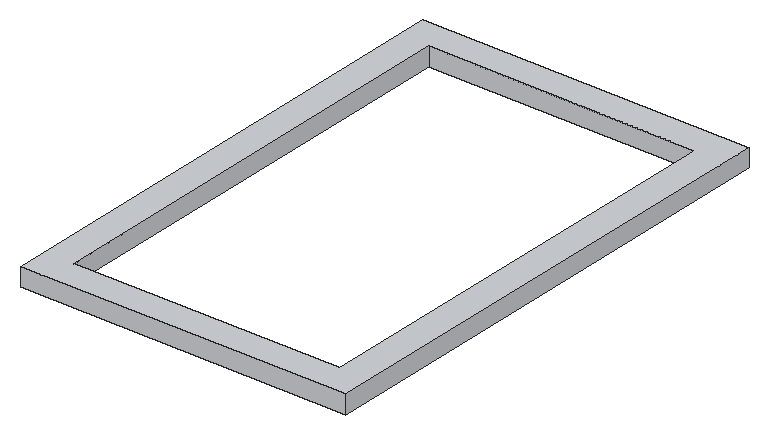
Revit family "Trim_Full Surround", category Windows, host Face, Revit 2019
Family settings
  Host = Face
  Cut with Voids When Loaded = No
  Shared = Yes
  Room Calculation Point = No
Parameters
  Width [instance] = 3' - 0"
  Trim Sill [instance] = 0' - 4"
  Trim Material [instance] = none
  Height [instance] = 5' - 0"
  Default Elevation = 3' - 0"
  Analytic Construction = "<None>"
Reference planes (in)
  plane 1 "Center (Front/Back)": y = 0
  plane 2: z = 0
  plane 3 "Center (Left/Right)": x = 0
  plane 4: y = 60
  plane 5: x = -18
  plane 6: x = 18
  plane 7: y = 30
  plane 8: z = 4
  plane 9: y = 64
  plane 10: x = 22
  plane 11: x = -22
  plane 12: y = -4
Forms (in)
  Sweep 1, solid, material <- "Trim Material"
    path origin (0, 0, 0) x (1, 0, 0) y (0, 1, 0)
      loop
        line (-18, 64) -> (-18, -4)
    profile "Foam Trim 2 : Foam Trim 2" origin (-18, 30, 0) x (1, 0, 0) y (0, 0, 1)
      loop
        line (-4, 0) -> (0, 0) -> (0, 2.5) -> (-4, 2.5) -> (-4, 0)
  Sweep 2, solid, material <- "Trim Material"
    path origin (0, 0, 0) x (1, 0, 0) y (0, 1, 0)
      loop
        line (18, 64) -> (18, -4)
    profile "Foam Trim 2 : Foam Trim 2" origin (18, 30, 0) x (1, 0, 0) y (0, 0, 1)
      loop
        line (4, 0) -> (4, 2.5) -> (0, 2.5) -> (0, 0) -> (4, 0)
  Sweep 3, solid, material <- "Trim Material"
    path origin (0, 0, 0) x (1, 0, 0) y (0, 1, 0)
      loop
        line (-22, 60) -> (22, 60)
    profile "Foam Trim 2 : Foam Trim 2" origin (0, 60, 0) x (0, 1, 0) y (0, 0, 1)
      loop
        line (4, 0) -> (4, 2.5) -> (0, 2.5) -> (0, 0) -> (4, 0)
  Sweep 4, solid, material <- "Trim Material"
    path origin (0, 0, 0) x (1, 0, 0) y (0, 1, 0)
      loop
        line (22, 0) -> (-22, 0)
    profile "Foam Trim 2 : Foam Trim 2" origin (0, 0, 0) x (0, -1, 0) y (0, 0, 1)
      loop
        line (4, 0) -> (4, 2.5) -> (0, 2.5) -> (0, 0) -> (4, 0)
Cuts and joins
  joined: Sweep 1, Sweep 2, Sweep 3, Sweep 4
Dimensions and locks (in)
  "Width": plane 5 to plane 6
  equal spacing: plane 5, plane 3 "Center (Left/Right)", plane 6
  "Height": plane 4 to plane 1 "Center (Front/Back)"
  equal spacing: plane 1 "Center (Front/Back)", plane 7, plane 4
  "Trim Sill": plane 12 to plane 1 "Center (Front/Back)"
  locked: plane 11 to plane 5 at 4
  locked: plane 6 to plane 10 at 4
  locked: plane 9 to plane 4 at 4
  aligned and locked: plane 2 to host face
  aligned and locked: level to host face
  aligned and locked: Sweep 1 sketch curve to plane 5
  aligned and locked: plane 9 to Sweep 1 sketch curve
  aligned and locked: plane 12 to Sweep 1 sketch curve
  aligned and locked: plane 6 to Sweep 2 sketch curve
  aligned and locked: plane 9 to Sweep 2 sketch curve
  aligned and locked: plane 12 to Sweep 2 sketch curve
  aligned and locked: Sweep 3 sketch curve to plane 4
  aligned and locked: plane 11 to Sweep 3 sketch curve
  aligned and locked: plane 10 to Sweep 3 sketch curve
  aligned and locked: Sweep 4 sketch curve to plane 1 "Center (Front/Back)"
  aligned and locked: plane 11 to Sweep 4 sketch curve
  aligned and locked: plane 10 to Sweep 4 sketch curve
Automatic sketch dimensions
  host sketch curve to host sketch curve = 8' - 0"
  host sketch curve to host sketch curve = 12' - 2"
